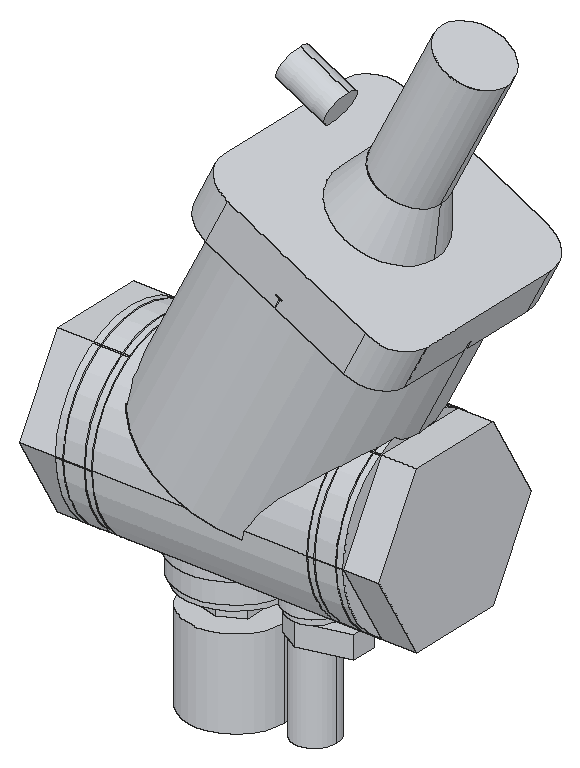
Revit family "PV_Compact_DN025L_ 20-80_FF_měř_RFA_2018", category Pipe Accessories, Revit 2018
Family settings
  Round Connector Dimension = Use Diameter
  Part Type = Valve - Breaks Into
  Work Plane-Based = No
  Always vertical = Yes
  Cut with Voids When Loaded = No
  Shared = No
Parameters (values of type "PV Compact DN25L FF s měřením ( 20-80kPa)")
  magiProductId = "87b7cca8bace4074a54840dfb5d8dc"
  magiProductFamilyId = "17221e4467384e4990f0bd3f9c07cb"
  magiPartTypeId = 304
  isMeasuringValve [instance] = no
  ang2D [instance] = 0.00°
  Z7 = 15 mm
  Z6 = 40.2 mm
  Z5 = 93.8 mm
  Z4 = 80.4 mm
  Z3 = 13.4 mm
  Z2 = 67 mm
  XR3 = 42.5 mm
  XR2 = 37.5 mm
  XR1 = 25.5 mm
  W2D = 15 mm
  VersionID = "2.0/2018.12.13.2/FRESE_PV_COMPACT_PLUG_Q13_001"
  Use Minimum Symbol Size [instance] = no
  URL = "www.hydronix.cz"
  Type Comments = "závitový s vnitřním závitem; dvěma měřicími vsuvkami; PN25; dpmax=450kPa; -10~+120°C;"
  R5 = 5 mm
  R4 = 15 mm
  R3 = 10 mm
  R2 = 26.5 mm
  R1 = 31.5 mm
  QmdConnectorList = "301;D;302;D"
  Productdata [instance] = ""
  PH__ve = -PH  # -17.6 mm
  PH = 17.6 mm
  NL__ve = -NL  # -20 mm
  NL = 20 mm
  Manufacturer = "Hydronix"
  MC Use Limits From Balancing Method = no
  MC Throttling Minimum Value = 0
  MC Throttling Maximum Value = 0
  MC Product Code = "53-3211 DN25L; FF; nastavitelný rozsah dp=20~80kPa; Q=750~4200l/h;  kvs=8,7"
  MC Pressure Drop Minimum Value = 0.0 Pa
  MC Pressure Drop Maximum Value = 0.0 Pa
  MC Piping Given Pressure Drop [instance] = 0.0 Pa
  M5 = 40 mm
  M4 = 38 mm
  M3 = 32 mm
  M2 = 30 mm
  LP = 50 mm
  LM = 60 mm
  LL__ve = -LL  # -6.3 mm
  LLT__ve = -LLT  # -19.1 mm
  LLT = 19.1 mm
  LL2 = 38 mm
  LL = 6.3 mm
  L3 = 11 mm
  L2D_Min = 30.48 mm
  L2D = 65 mm
  Description = "Nastavitelný regulátor tlakové diference"
  DR1 = no
  DR0 = yes
  DL2 = 66 mm
  D = 25 mm
  CenSd_R2_6 = R2 * cos(30.00°)  # 22.95 mm
  CAT0 = yes
  C0D1 = no
  C0D0 = yes
Types (10, lengths in mm): name | magiProductId | Z6 | Z5 | Z4 | Z3 | Z2 | XR3 | XR2 | XR1 | R2 | R1 | PH__ve | PH | NL__ve | NL | MC Product Code | M5 | M4 | M3 | M2 | LP | LM | LL__ve | LLT__ve | LLT | LL2 | LL | L3 | D | CenSd_R2_6
  PV Compact DN15 FF s měřením ( 20-60kPa) | "92c6061b2d364c498536f200ceae3f" | 24.6 | 57.4 | 49.2 | 8.2 | 41 | 30 | 25 | 13 | 14 | 19 | -22.4 | 22.4 | -15 | 15 | "53-3205 DN15; FF; nastavitelný rozsah dp=20~60kPa; Q=100~1000l/h;  kvs=2,9" | 32.5 | 30.5 | 24.5 | 22.5 | 37.5 | 45 | -5.7 | -14.9 | 14.9 | 32 | 5.7 | 11 | 15 | 12.124
  PV Compact DN15 FF s měřením (  5-30kPa) | "f361d342a5c3496a8b127ae77303d4" | 24.6 | 57.4 | 49.2 | 8.2 | 41 | 30 | 25 | 13 | 14 | 19 | -22.4 | 22.4 | -15 | 15 | "53-3204 DN15; FF; nastavitelný rozsah dp=5~30kPa; Q=50~600l/h;  kvs=2,9" | 32.5 | 30.5 | 24.5 | 22.5 | 37.5 | 45 | -5.7 | -14.9 | 14.9 | 32 | 5.7 | 11 | 15 | 12.124
  PV Compact DN20 FF s měřením ( 20-60kPa) | "9f7cac6a20a942348ba3edadb25c10" | 24.6 | 57.4 | 49.2 | 8.2 | 41 | 30 | 25 | 13 | 14 | 19 | -22.4 | 22.4 | -15.8 | 15.8 | "53-3207 DN20; FF; nastavitelný rozsah dp=20~60kPa; Q=150~2000l/h;  kvs=3,5" | 33.7 | 31.7 | 25.7 | 23.7 | 39.5 | 47.4 | -5.7 | -14.9 | 14.9 | 32 | 5.7 | 11 | 20 | 12.124
  PV Compact DN20 FF s měřením (  5-30kPa) | "db23a1b537c14a0d8d3ef5b88ba9f3" | 24.6 | 57.4 | 49.2 | 8.2 | 41 | 30 | 25 | 13 | 14 | 19 | -22.4 | 22.4 | -15.8 | 15.8 | "53-3206 DN20; FF; nastavitelný rozsah dp=5~30kPa; Q=100~1000l/h;  kvs=3,5" | 33.7 | 31.7 | 25.7 | 23.7 | 39.5 | 47.4 | -5.7 | -14.9 | 14.9 | 32 | 5.7 | 11 | 20 | 12.124
  PV Compact DN25 FF s měřením (  5-30kPa) | "df9f1d59aa4a4bbbaec25e168ba07d" | 25.5 | 59.5 | 51 | 8.5 | 42.5 | 30 | 25 | 13 | 14 | 19 | -20.8 | 20.8 | -16.6 | 16.6 | "53-3208 DN25; FF; nastavitelný rozsah dp=5~30kPa; Q=600~2100l/h;  kvs=4,0" | 34.9 | 32.9 | 26.9 | 24.9 | 41.5 | 49.8 | -5.9 | -16.3 | 16.3 | 34 | 5.9 | 11 | 25 | 12.124
  PV Compact DN25L FF s měřením ( 20-80kPa) | "87b7cca8bace4074a54840dfb5d8dc" | 40.2 | 93.8 | 80.4 | 13.4 | 67 | 42.5 | 37.5 | 25.5 | 26.5 | 31.5 | -17.6 | 17.6 | -20 | 20 | "53-3211 DN25L; FF; nastavitelný rozsah dp=20~80kPa; Q=750~4200l/h;  kvs=8,7" | 40 | 38 | 32 | 30 | 50 | 60 | -6.3 | -19.1 | 19.1 | 38 | 6.3 | 11 | 25 | 22.95
  PV Compact DN25L FF s měřením (  5-30kPa) | "5f34f6c18cbb44599cc4b76a533b7b" | 40.2 | 93.8 | 80.4 | 13.4 | 67 | 42.5 | 37.5 | 25.5 | 26.5 | 31.5 | -17.6 | 17.6 | -20 | 20 | "53-3210 DN25L; FF; nastavitelný rozsah dp=5~30kPa; Q=600~2500l/h;  kvs=8,7" | 40 | 38 | 32 | 30 | 50 | 60 | -6.3 | -19.1 | 19.1 | 38 | 6.3 | 11 | 25 | 22.95
  PV Compact DN32 FF s měřením ( 20-80kPa) | "4a8a1c2c3ced401aa76adec660b182" | 40.2 | 93.8 | 80.4 | 13.4 | 67 | 42.5 | 37.5 | 25.5 | 26.5 | 31.5 | -13.6 | 13.6 | -20.8 | 20.8 | "53-3214 DN32; FF; nastavitelný rozsah dp=20~80kPa; Q=1000~5000l/h;  kvs=10,1" | 41.2 | 39.2 | 33.2 | 31.2 | 52 | 62.4 | -6.8 | -22.6 | 22.6 | 43 | 6.8 | 25 | 32 | 22.95
  PV Compact DN40 FF s měřením ( 20-80kPa) | "8dd334465d8f48dd802c3dab6bec5b" | 46.8 | 109.2 | 93.6 | 15.6 | 78 | 42.5 | 37.5 | 25.5 | 26.5 | 31.5 | -11.2 | 11.2 | -27.6 | 27.6 | "53-3216 DN40; FF; nastavitelný rozsah dp=20~80kPa; Q=3000~8000l/h;  kvs=15,8" | 51.4 | 49.4 | 43.4 | 41.4 | 69 | 82.8 | -7.1 | -24.7 | 24.7 | 46 | 7.1 | 25 | 40 | 22.95
  PV Compact DN50 FF s měřením ( 20-80kPa) | "de24153ded7e41748f92358b184bd6" | 46.8 | 109.2 | 93.6 | 15.6 | 78 | 42.5 | 37.5 | 25.5 | 35.25 | 31.5 | -6.4 | 6.4 | -27.6 | 27.6 | "53-3218 DN50; FF; nastavitelný rozsah dp=20~80kPa; Q=5000~11500l/h;  kvs=16,2" | 51.4 | 49.4 | 43.4 | 41.4 | 69 | 82.8 | -7.7 | -28.9 | 28.9 | 52 | 7.7 | 25 | 50 | 30.527
Reference planes
  plane 1 "Center (Front/Back)": y = 0
  plane 2 "XYPLANE": z = 0
  plane 3 "Center (Left/Right)": x = 0
  plane 4 "408": x = 50
  plane 5 "407": x = -50
  plane 6 "402": z = -66
  plane 7 "213": x = 11
  plane 8 "168": z = -15.1
  plane 9 "167": z = -17.1
  plane 10 "166": z = -23.4
  plane 11 "165": z = -29.7
  plane 12 "164": z = -31.7
  plane 13 "154": z = 0
  plane 14 "152": y = 0
  plane 15 "151": z = -38
  plane 16 "150": x = -11
  plane 17 "75": through (307.08, 0, 685.28) normal (0.891, 0, -0.454)
  plane 18 "74": x = 40
  plane 19 "73": x = 38
  plane 20 "72": x = 32
  plane 21 "71": x = 30
  plane 22 "70": x = -40
  plane 23 "69": x = -38
  plane 24 "68": x = -32
  plane 25 "67": y = 0
  plane 26 "66": through (-666.893, 0, 343.166) normal (0.454, 0, 0.891)
  plane 27 "65": x = -30
  plane 28 "64": through (335.147, 0, 670.979) normal (0.891, 0, -0.454)
  plane 29 "63": through (-637.838, 0, 400.19) normal (0.454, 0, 0.891)
  plane 30 "62": through (363.214, 0, 656.678) normal (0.891, 0, -0.454)
  plane 31 "61": y = 31.5
  plane 32 "60": y = -31.5
  plane 33 "59": through (-631.754, 0, 412.13) normal (0.454, 0, 0.891)
  plane 34 "58": through (-625.671, 0, 424.069) normal (0.454, 0, 0.891)
  plane 35 "57": through (302.625, 0, 687.549) normal (0.891, 0, -0.454)
  plane 36 "56": x = 0
  plane 37 "55": through (-668.255, 0, 340.493) normal (0.454, 0, 0.891)
  plane 38 "102XY": through (-668.255, 0, 340.493) normal (0.454, 0, 0.891)
  plane 39 "102XZ": y = 0
  plane 40 "102YZ": through (340.493, 0, 668.255) normal (0.891, 0, -0.454)
Forms (mm)
  Extrusion 1, solid
    sketch origin (50, -750, 0) x (0, 1, 0) y (0, 0, 1)
      loop
        line (776.5, 0) -> (763.25, 22.95) -> (736.75, 22.95) -> (723.5, 0) -> (736.75, -22.95) -> (763.25, -22.95) -> (776.5, 0)
    from 0 to -20 <- "NL__ve"
  Extrusion 2, solid
    sketch origin (-50, -750, 0) x (0, 1, 0) y (0, 0, 1)
      loop
        line (723.5, 0) -> (736.75, -22.95) -> (763.25, -22.95) -> (776.5, 0) -> (763.25, 22.95) -> (736.75, 22.95) -> (723.5, 0)
    from 0 to 20 <- "NL"
  Extrusion 3, solid, visible <- "C0D1"
    sketch origin (-750, 0, -66) x (1, 0, 0) y (0, 1, 0)
      loop
        circle (761, 0) r 10
    from 0 to 50
  Extrusion 4, solid, visible <- "DR1"
    sketch origin (-750, 0, -23.4) x (1, 0, 0) y (0, 1, 0)
      loop
        line (761, -24.5) -> (778.892, -6) -> (778.892, 6) -> (761, 24.5) -> (750.608, 6) -> (750.608, -6) -> (761, -24.5)
    from 0 to -17.6 <- "PH__ve"
  Extrusion 5, solid, visible <- "DR1"
    sketch origin (-750, 0, -23.4) x (1, 0, 0) y (0, 1, 0)
      loop
        circle (761, 0) r 10
    from 0 to 6.3 <- "LL"
  Blend 6, solid, visible <- "DR1"
    base sketch origin (-750, 0, -15.1) x (1, 0, 0) y (0, 1, 0)
      loop
        circle (761, 0) r 7.5
    top sketch origin (-750, 0, -15.1) x (1, 0, 0) y (0, 1, 0)
      loop
        circle (761, 0) r 10
    from 0 to -2
  Extrusion 7, solid, visible <- "DR1"
    sketch origin (-750, 0, 0) x (1, 0, 0) y (0, 1, 0)
      loop
        circle (761, 0) r 7.5
    from 0 to -19.1 <- "LLT__ve"
  Extrusion 8, solid, visible <- "C0D0"
    sketch origin (-750, 0, -38) x (1, 0, 0) y (0, 1, 0)
      loop
        circle (761, 0) r 6
    from 0 to -25
  Extrusion 9, solid, visible <- "DR0"
    sketch origin (-750, 0, -31.7) x (1, 0, 0) y (0, 1, 0)
      loop
        line (761, -7) -> (774.562, -3.5) -> (774.562, 3.5) -> (761, 7) -> (754.938, 3.5) -> (754.938, -3.5) -> (761, -7)
    from 0 to -6.3 <- "LL__ve"
  Extrusion 10, solid, visible <- "DR0"
    sketch origin (-750, 0, -31.7) x (1, 0, 0) y (0, 1, 0)
      loop
        circle (761, 0) r 7
    from 0 to 2
  Extrusion 11, solid, visible <- "DR0"
    sketch origin (-750, 0, -23.4) x (1, 0, 0) y (0, 1, 0)
      loop
        circle (761, 0) r 9
    from 0 to 6.3 <- "LL"
  Blend 12, solid, visible <- "DR0"
    base sketch origin (-750, 0, -15.1) x (1, 0, 0) y (0, 1, 0)
      loop
        circle (761, 0) r 6.5
    top sketch origin (-750, 0, -15.1) x (1, 0, 0) y (0, 1, 0)
      loop
        circle (761, 0) r 9
    from 0 to -2
  Extrusion 13, solid, visible <- "DR0"
    sketch origin (-750, 0, 0) x (1, 0, 0) y (0, 1, 0)
      loop
        circle (761, 0) r 6.5
    from 0 to -19.1 <- "LLT__ve"
  Extrusion 14, solid, visible <- "DR0"
    sketch origin (-750, 0, 0) x (1, 0, 0) y (0, 1, 0)
      loop
        circle (761, 0) r 6.5
    from 0 to -19.1 <- "LLT__ve"
  Blend 15, solid, visible <- "DR0"
    base sketch origin (-750, 0, -15.1) x (1, 0, 0) y (0, 1, 0)
      loop
        circle (761, 0) r 6.5
    top sketch origin (-750, 0, -15.1) x (1, 0, 0) y (0, 1, 0)
      loop
        circle (761, 0) r 9
    from 0 to -2
  Extrusion 16, solid, visible <- "DR0"
    sketch origin (-750, 0, -23.4) x (1, 0, 0) y (0, 1, 0)
      loop
        circle (761, 0) r 9
    from 0 to 6.3 <- "LL"
  Extrusion 17, solid, visible <- "DR0"
    sketch origin (-750, 0, -29.7) x (1, 0, 0) y (0, 1, 0)
      loop
        circle (761, 0) r 8
    from 0 to 6.3 <- "LL"
  Extrusion 18, solid, visible <- "DR0"
    sketch origin (-750, 0, -31.7) x (1, 0, 0) y (0, 1, 0)
      loop
        circle (761, 0) r 7
    from 0 to 2
  Extrusion 19, solid, visible <- "DR0"
    sketch origin (-750, 0, -31.7) x (1, 0, 0) y (0, 1, 0)
      loop
        line (761, -7) -> (774.562, -3.5) -> (774.562, 3.5) -> (761, 7) -> (754.938, 3.5) -> (754.938, -3.5) -> (761, -7)
    from 0 to -6.3 <- "LL__ve"
  Extrusion 20, solid, visible <- "C0D0"
    sketch origin (-750, 0, -38) x (1, 0, 0) y (0, 1, 0)
      loop
        circle (761, 0) r 6
    from 0 to -25
  Extrusion 21, solid, visible <- "CAT0"
    sketch origin (-750, 0, -38) x (1, 0, 0) y (0, 1, 0)
      loop
        circle (739, 0) r 13.5
    from 0 to -25
  Extrusion 22, solid
    sketch origin (-750, 0, -31.7) x (1, 0, 0) y (0, 1, 0)
      loop
        line (739, -7) -> (745.062, -3.5) -> (745.062, 3.5) -> (739, 7) -> (725.438, 3.5) -> (725.438, -3.5) -> (739, -7)
    from 0 to -6.3 <- "LL__ve"
  Extrusion 23, solid
    sketch origin (-750, 0, -31.7) x (1, 0, 0) y (0, 1, 0)
      loop
        circle (739, 0) r 14.5
    from 0 to 2
  Extrusion 24, solid
    sketch origin (-750, 0, -29.7) x (1, 0, 0) y (0, 1, 0)
      loop
        circle (739, 0) r 15.5
    from 0 to 6.3 <- "LL"
  Extrusion 25, solid
    sketch origin (-750, 0, -23.4) x (1, 0, 0) y (0, 1, 0)
      loop
        circle (739, 0) r 16.5
    from 0 to 6.3 <- "LL"
  Blend 26, solid
    base sketch origin (-750, 0, -15.1) x (1, 0, 0) y (0, 1, 0)
      loop
        circle (739, 0) r 14
    top sketch origin (-750, 0, -15.1) x (1, 0, 0) y (0, 1, 0)
      loop
        circle (739, 0) r 16.5
    from 0 to -2
  Extrusion 27, solid
    sketch origin (-750, 0, 0) x (1, 0, 0) y (0, 1, 0)
      loop
        circle (739, 0) r 14
    from 0 to -19.1 <- "LLT__ve"
  Blend 28, solid, visible <- "CAT0"
    base sketch origin (38, -750, 0) x (0, 1, 0) y (0, 0, 1)
      loop
        circle (750, 0) r 26.5
    top sketch origin (38, -750, 0) x (0, 1, 0) y (0, 0, 1)
      loop
        circle (750, 0) r 26.5
    from 0 to 2
  Extrusion 29, solid, visible <- "CAT0"
    sketch origin (32, -750, 0) x (0, 1, 0) y (0, 0, 1)
      loop
        circle (750, 0) r 26.5
    from 0 to 6
  Blend 30, solid, visible <- "CAT0"
    base sketch origin (30, -750, 0) x (0, 1, 0) y (0, 0, 1)
      loop
        circle (750, 0) r 26.5
    top sketch origin (30, -750, 0) x (0, 1, 0) y (0, 0, 1)
      loop
        circle (750, 0) r 26.5
    from 0 to 2
  Blend 31, solid, visible <- "CAT0"
    base sketch origin (-38, -750, 0) x (0, 1, 0) y (0, 0, 1)
      loop
        circle (750, 0) r 26.5
    top sketch origin (-38, -750, 0) x (0, 1, 0) y (0, 0, 1)
      loop
        circle (750, 0) r 26.5
    from 0 to -2
  Extrusion 32, solid, visible <- "CAT0"
    sketch origin (-38, -750, 0) x (0, 1, 0) y (0, 0, 1)
      loop
        circle (750, 0) r 26.5
    from 0 to 6
  Blend 33, solid, visible <- "CAT0"
    base sketch origin (-32, -750, 0) x (0, 1, 0) y (0, 0, 1)
      loop
        circle (750, 0) r 26.5
    top sketch origin (-32, -750, 0) x (0, 1, 0) y (0, 0, 1)
      loop
        circle (750, 0) r 26.5
    from 0 to 2
  Extrusion 34, solid, visible <- "CAT0"
    sketch origin (-30, -750, 0) x (0, 1, 0) y (0, 0, 1)
      loop
        circle (750, 0) r 26.5
    from 0 to 60 <- "LM"
  Extrusion 35, solid, visible <- "CAT0"
    sketch origin (-666.893, 0, 343.166) x (0.891007, 0, -0.45399) y (0, 1, 0)
      loop
        circle (744, 0) r 31.5
    from 0 to 67 <- "Z2"
  Extrusion 36, solid, visible <- "CAT0"
    sketch origin (-637.838, 0, 400.19) x (0.891007, 0, -0.45399) y (0, 1, 0)
      loop
        arc (722.5, 31.5) -> (715.429, 28.571) -> (712.5, 21.5) r 10
        line (712.5, 21.5) -> (712.5, -21.5)
        arc (712.5, -21.5) -> (715.429, -28.571) -> (722.5, -31.5) r 10
        line (722.5, -31.5) -> (765.5, -31.5)
        arc (765.5, -31.5) -> (772.571, -28.571) -> (775.5, -21.5) r 10
        line (775.5, -21.5) -> (775.5, 21.5)
        arc (775.5, 21.5) -> (772.571, 28.571) -> (765.5, 31.5) r 10
        line (765.5, 31.5) -> (722.5, 31.5)
    from 0 to 13.4 <- "Z3"
  Blend 37, solid, visible <- "CAT0"
    base sketch origin (-631.754, 0, 412.13) x (0.891007, 0, -0.45399) y (0, 1, 0)
      loop
        circle (744, 0) r 15
    top sketch origin (-631.754, 0, 412.13) x (0.891007, 0, -0.45399) y (0, 1, 0)
      loop
        circle (744, 0) r 10
    from 0 to 13.4
  Extrusion 38, solid, visible <- "CAT0"
    sketch origin (-625.671, 0, 424.069) x (0.891007, 0, -0.45399) y (0, 1, 0)
      loop
        circle (744, 0) r 10
    from 0 to 40.2 <- "Z6"
  Extrusion 39, solid, visible <- "CAT0"
    sketch origin (302.625, 0, 687.549) x (-0.45399, 0, -0.891007) y (0, 1, 0)
      loop
        circle (656.2, 0) r 5
    from 0 to 15 <- "Z7"
  Blend 40, solid, visible <- "CAT0"
    base sketch origin (-668.255, 0, 340.493) x (0.891007, 0, -0.45399) y (0, 1, 0)
      loop
        circle (744, 0) r 27.5
    top sketch origin (-668.255, 0, 340.493) x (0.891007, 0, -0.45399) y (0, 1, 0)
      loop
        circle (744, 0) r 31.5
    from 0 to 3
  Extrusion 41, solid, not visible
    sketch origin (-40, -750, 0) x (0, 1, 0) y (0, 0, 1)
      loop
        circle (750, 0) r 22.5
    from 0 to 10
  Extrusion 42, solid, not visible
    sketch origin (40, -750, 0) x (0, 1, 0) y (0, 0, 1)
      loop
        circle (750, 0) r 22.5
    from 0 to -10
Lines and regions (mm)
  reference lines, not visible
    curve 1: circle (2, 2, 0) r 1 normal (0, 0, 1)
  reference lines
    curve 2: line (50, 0, 0) -> (50, -3.5, 6.062)
    curve 3: line (50, 0, 0) -> (50, -7, 0)
    curve 4: line (50, 0, 0) -> (50, -3.5, -6.062)
    curve 5: line (-50, 0, 0) -> (-50, 3.5, 6.062)
    curve 6: line (-50, 0, 0) -> (-50, 7, 0)
    curve 7: line (-50, 0, 0) -> (-50, 3.5, -6.062)
Dimensions and locks
  plane 1 "Center (Front/Back)" to curve 1 = 2 mm
  "LP": plane 36 "56" to plane 4 "408"
  "LP": plane 36 "56" to plane 5 "407"
  "DL2": plane 2 "XYPLANE" to plane 6 "402"
  "L3": plane 3 "Center (Left/Right)" to plane 7 "213"
  locked: plane 9 "167" to plane 8 "168" at 2
  "LL": plane 10 "166" to plane 9 "167"
  "LL": plane 11 "165" to plane 10 "166"
  locked: plane 12 "164" to plane 11 "165" at 2
  "LL": plane 15 "151" to plane 12 "164"
  locked: plane 2 "XYPLANE" to plane 13 "154"
  locked: plane 1 "Center (Front/Back)" to plane 14 "152"
  "LL2": plane 2 "XYPLANE" to plane 15 "151"
  "L3": plane 3 "Center (Left/Right)" to plane 16 "150"
  "XR2": plane 40 "102YZ" to plane 17 "75"
  "M5": plane 3 "Center (Left/Right)" to plane 18 "74"
  "M4": plane 3 "Center (Left/Right)" to plane 19 "73"
  "M3": plane 3 "Center (Left/Right)" to plane 20 "72"
  "M2": plane 3 "Center (Left/Right)" to plane 21 "71"
  "M5": plane 3 "Center (Left/Right)" to plane 22 "70"
  "M4": plane 3 "Center (Left/Right)" to plane 23 "69"
  "M3": plane 3 "Center (Left/Right)" to plane 24 "68"
  locked: plane 14 "152" to plane 25 "67"
  locked: plane 38 "102XY" to plane 26 "66" at 3
  "M2": plane 3 "Center (Left/Right)" to plane 27 "65"
  locked: plane 40 "102YZ" to plane 28 "64" at 6
  "Z2": plane 38 "102XY" to plane 29 "63"
  "XR1": plane 40 "102YZ" to plane 30 "62"
  "R1": plane 14 "152" to plane 31 "61"
  "R1": plane 14 "152" to plane 32 "60"
  "Z4": plane 38 "102XY" to plane 33 "59"
  "Z5": plane 38 "102XY" to plane 34 "58"
  "XR3": plane 40 "102YZ" to plane 35 "57"
  locked: plane 3 "Center (Left/Right)" to plane 36 "56"
  locked: plane 38 "102XY" to plane 37 "55"
  "CenSd_R2_6": curve 2 to Extrusion 1 sketch curve  (x2)
  "CenSd_R2_6": curve 3 to Extrusion 1 sketch curve  (x2)
  "CenSd_R2_6": curve 4 to Extrusion 1 sketch curve  (x2)
  Extrusion 1 sketch curve to Extrusion 1 sketch curve = 0 mm  (x12)
  "CenSd_R2_6": curve 5 to Extrusion 2 sketch curve  (x2)
  "CenSd_R2_6": curve 6 to Extrusion 2 sketch curve  (x2)
  "CenSd_R2_6": curve 7 to Extrusion 2 sketch curve  (x2)
  Extrusion 2 sketch curve to Extrusion 2 sketch curve = 0 mm  (x12)
  Extrusion 4 sketch curve to Extrusion 4 sketch curve = 0 mm  (x12)
  Extrusion 9 sketch curve to Extrusion 9 sketch curve = 0 mm  (x12)
  Extrusion 19 sketch curve to Extrusion 19 sketch curve = 0 mm  (x12)
  Extrusion 22 sketch curve to Extrusion 22 sketch curve = 0 mm  (x12)
  Extrusion 36 sketch curve to Extrusion 36 sketch curve = 0 mm  (x16)
  "R2": radius of Blend 28 sketch curve  (x2)
  "R2": radius of Extrusion 29 sketch curve
  "R2": radius of Blend 30 sketch curve  (x2)
  "R2": radius of Blend 31 sketch curve  (x2)
  "R2": radius of Extrusion 32 sketch curve
  "R2": radius of Blend 33 sketch curve  (x2)
  "R2": radius of Extrusion 34 sketch curve
  "R1": radius of Extrusion 35 sketch curve
  radius of Extrusion 36 sketch curve = 10 mm  (x4)
  "R3": radius of Blend 37 sketch curve
  "R4": radius of Blend 37 sketch curve
  "R3": radius of Extrusion 38 sketch curve
  "R5": radius of Extrusion 39 sketch curve
  "R1": radius of Blend 40 sketch curve
  locked: curve 3 to curve 2 (angle 60.00°)
  locked: curve 4 to curve 3 (angle 60.00°)
  locked: curve 4 to curve 2 (angle 120.00°)
  locked: curve 6 to curve 5 (angle 60.00°)
  locked: curve 7 to curve 6 (angle 60.00°)
  locked: curve 7 to curve 5 (angle 120.00°)
  aligned and locked: level to plane 2 "XYPLANE"
  aligned and locked: plane 13 "154" to curve 4
  aligned and locked: curve 4 to plane 14 "152"
  aligned and locked: plane 13 "154" to curve 7
  aligned and locked: curve 7 to plane 14 "152"
  aligned and locked: plane 7 "213" to Extrusion 3 sketch curve
  aligned and locked: plane 14 "152" to Extrusion 3 sketch curve
  aligned and locked: plane 7 "213" to Extrusion 5 sketch curve
  aligned and locked: plane 14 "152" to Extrusion 5 sketch curve
  aligned and locked: plane 7 "213" to Blend 6 sketch curve  (x2)
  aligned and locked: plane 14 "152" to Blend 6 sketch curve  (x2)
  aligned and locked: Blend 6 to plane 9 "167"
  aligned and locked: plane 7 "213" to Extrusion 7 sketch curve
  aligned and locked: plane 14 "152" to Extrusion 7 sketch curve
  aligned and locked: plane 7 "213" to Extrusion 8 sketch curve
  aligned and locked: plane 14 "152" to Extrusion 8 sketch curve
  aligned and locked: plane 7 "213" to Extrusion 10 sketch curve
  aligned and locked: plane 14 "152" to Extrusion 10 sketch curve
  aligned and locked: plane 7 "213" to Extrusion 11 sketch curve
  aligned and locked: plane 14 "152" to Extrusion 11 sketch curve
  aligned and locked: plane 7 "213" to Blend 12 sketch curve  (x2)
  aligned and locked: plane 14 "152" to Blend 12 sketch curve  (x2)
  aligned and locked: Blend 12 to plane 9 "167"
  aligned and locked: plane 7 "213" to Extrusion 13 sketch curve
  aligned and locked: plane 14 "152" to Extrusion 13 sketch curve
  aligned and locked: plane 7 "213" to Extrusion 14 sketch curve
  aligned and locked: plane 14 "152" to Extrusion 14 sketch curve
  aligned and locked: plane 7 "213" to Blend 15 sketch curve  (x2)
  aligned and locked: plane 14 "152" to Blend 15 sketch curve  (x2)
  aligned and locked: Blend 15 to plane 9 "167"
  aligned and locked: plane 7 "213" to Extrusion 16 sketch curve
  aligned and locked: plane 14 "152" to Extrusion 16 sketch curve
  aligned and locked: plane 7 "213" to Extrusion 17 sketch curve
  aligned and locked: plane 14 "152" to Extrusion 17 sketch curve
  aligned and locked: plane 7 "213" to Extrusion 18 sketch curve
  aligned and locked: plane 14 "152" to Extrusion 18 sketch curve
  aligned and locked: plane 7 "213" to Extrusion 20 sketch curve
  aligned and locked: plane 14 "152" to Extrusion 20 sketch curve
  aligned and locked: plane 14 "152" to Extrusion 21 sketch curve
  aligned and locked: plane 16 "150" to Extrusion 21 sketch curve
  aligned and locked: plane 14 "152" to Extrusion 23 sketch curve
  aligned and locked: plane 16 "150" to Extrusion 23 sketch curve
  aligned and locked: plane 14 "152" to Extrusion 24 sketch curve
  aligned and locked: plane 16 "150" to Extrusion 24 sketch curve
  aligned and locked: plane 14 "152" to Extrusion 25 sketch curve
  aligned and locked: plane 16 "150" to Extrusion 25 sketch curve
  aligned and locked: plane 14 "152" to Blend 26 sketch curve  (x2)
  aligned and locked: plane 16 "150" to Blend 26 sketch curve  (x2)
  aligned and locked: Blend 26 to plane 9 "167"
  aligned and locked: plane 14 "152" to Extrusion 27 sketch curve
  aligned and locked: plane 16 "150" to Extrusion 27 sketch curve
  aligned and locked: plane 13 "154" to Blend 28 sketch curve  (x2)
  aligned and locked: Blend 28 sketch curve to plane 14 "152"  (x2)
  aligned and locked: plane 18 "74" to Blend 28
  aligned and locked: plane 13 "154" to Extrusion 29 sketch curve
  aligned and locked: Extrusion 29 sketch curve to plane 14 "152"
  aligned and locked: plane 13 "154" to Blend 30 sketch curve  (x2)
  aligned and locked: Blend 30 sketch curve to plane 14 "152"  (x2)
  aligned and locked: plane 20 "72" to Blend 30
  aligned and locked: plane 13 "154" to Blend 31 sketch curve  (x2)
  aligned and locked: Blend 31 sketch curve to plane 14 "152"  (x2)
  aligned and locked: Blend 31 to plane 22 "70"
  aligned and locked: plane 13 "154" to Extrusion 32 sketch curve
  aligned and locked: Extrusion 32 sketch curve to plane 14 "152"
  aligned and locked: plane 13 "154" to Blend 33 sketch curve  (x2)
  aligned and locked: Blend 33 sketch curve to plane 14 "152"  (x2)
  aligned and locked: plane 27 "65" to Blend 33
  aligned and locked: plane 13 "154" to Extrusion 34 sketch curve
  aligned and locked: Extrusion 34 sketch curve to plane 14 "152"
  aligned and locked: plane 25 "67" to Extrusion 35 sketch curve
  aligned and locked: Extrusion 35 sketch curve to plane 28 "64"
  aligned and locked: Extrusion 36 sketch curve to plane 17 "75"
  aligned and locked: Extrusion 36 sketch curve to plane 32 "60"
  aligned and locked: Extrusion 36 sketch curve to plane 30 "62"
  aligned and locked: plane 31 "61" to Extrusion 36 sketch curve
  aligned and locked: plane 25 "67" to Blend 37 sketch curve  (x2)
  aligned and locked: Blend 37 sketch curve to plane 28 "64"  (x2)
  aligned and locked: plane 34 "58" to Blend 37
  aligned and locked: plane 25 "67" to Extrusion 38 sketch curve
  aligned and locked: Extrusion 38 sketch curve to plane 28 "64"
  aligned and locked: plane 25 "67" to Extrusion 39 sketch curve
  aligned and locked: plane 34 "58" to Extrusion 39 sketch curve
  aligned and locked: plane 25 "67" to Blend 40 sketch curve  (x2)
  aligned and locked: Blend 40 sketch curve to plane 28 "64"  (x2)
  aligned and locked: plane 26 "66" to Blend 40
  aligned and locked: plane 13 "154" to Extrusion 41 sketch curve
  aligned and locked: Extrusion 41 sketch curve to plane 14 "152"
  aligned and locked: plane 13 "154" to Extrusion 42 sketch curve
  aligned and locked: Extrusion 42 sketch curve to plane 14 "152"
Automatic sketch dimensions
  plane 3 "Center (Left/Right)" to Extrusion 3 sketch curve = 1 mm
  Extrusion 4 sketch curve to plane 7 "213" = 0 mm  (x2)
  plane 3 "Center (Left/Right)" to Extrusion 4 sketch curve = 0.608 mm
  Extrusion 4 sketch curve to plane 21 "71" = 1.108 mm
  plane 32 "60" to Extrusion 4 sketch curve = 7 mm
  plane 1 "Center (Front/Back)" to Extrusion 4 sketch curve = 6 mm  (x2)
  Extrusion 4 sketch curve to plane 1 "Center (Front/Back)" = 6 mm  (x2)
  Extrusion 4 sketch curve to plane 31 "61" = 7 mm
  plane 3 "Center (Left/Right)" to Extrusion 5 sketch curve = 1 mm
  plane 3 "Center (Left/Right)" to Blend 6 sketch curve = 3.5 mm
  plane 3 "Center (Left/Right)" to Blend 6 sketch curve = 1 mm
  plane 3 "Center (Left/Right)" to Extrusion 7 sketch curve = 3.5 mm
  plane 3 "Center (Left/Right)" to Extrusion 8 sketch curve = 5 mm
  Extrusion 9 sketch curve to plane 7 "213" = 0 mm  (x2)
  plane 3 "Center (Left/Right)" to Extrusion 9 sketch curve = 4.938 mm
  Extrusion 9 sketch curve to plane 21 "71" = 5.438 mm
  plane 1 "Center (Front/Back)" to Extrusion 9 sketch curve = 7 mm
  plane 1 "Center (Front/Back)" to Extrusion 9 sketch curve = 3.5 mm  (x2)
  Extrusion 9 sketch curve to plane 1 "Center (Front/Back)" = 3.5 mm  (x2)
  Extrusion 9 sketch curve to Extrusion 9 sketch curve = 3.5 mm
  plane 3 "Center (Left/Right)" to Extrusion 10 sketch curve = 4 mm
  plane 3 "Center (Left/Right)" to Extrusion 11 sketch curve = 2 mm
  plane 3 "Center (Left/Right)" to Blend 12 sketch curve = 4.5 mm
  plane 3 "Center (Left/Right)" to Blend 12 sketch curve = 2 mm
  plane 3 "Center (Left/Right)" to Extrusion 13 sketch curve = 4.5 mm
  plane 3 "Center (Left/Right)" to Extrusion 14 sketch curve = 4.5 mm
  plane 3 "Center (Left/Right)" to Blend 15 sketch curve = 4.5 mm
  plane 3 "Center (Left/Right)" to Blend 15 sketch curve = 2 mm
  plane 3 "Center (Left/Right)" to Extrusion 16 sketch curve = 2 mm
  plane 3 "Center (Left/Right)" to Extrusion 17 sketch curve = 3 mm
  plane 3 "Center (Left/Right)" to Extrusion 18 sketch curve = 4 mm
  Extrusion 19 sketch curve to plane 7 "213" = 0 mm  (x2)
  plane 3 "Center (Left/Right)" to Extrusion 19 sketch curve = 4.938 mm
  Extrusion 19 sketch curve to plane 21 "71" = 5.438 mm
  plane 1 "Center (Front/Back)" to Extrusion 19 sketch curve = 7 mm
  plane 1 "Center (Front/Back)" to Extrusion 19 sketch curve = 3.5 mm  (x2)
  Extrusion 19 sketch curve to plane 1 "Center (Front/Back)" = 3.5 mm  (x2)
  Extrusion 19 sketch curve to Extrusion 19 sketch curve = 3.5 mm
  plane 3 "Center (Left/Right)" to Extrusion 20 sketch curve = 5 mm
  plane 27 "65" to Extrusion 21 sketch curve = 5.5 mm
  Extrusion 22 sketch curve to plane 16 "150" = 0 mm  (x2)
  plane 27 "65" to Extrusion 22 sketch curve = 5.438 mm
  Extrusion 22 sketch curve to plane 3 "Center (Left/Right)" = 4.938 mm
  plane 1 "Center (Front/Back)" to Extrusion 22 sketch curve = 7 mm
  plane 1 "Center (Front/Back)" to Extrusion 22 sketch curve = 3.5 mm  (x2)
  Extrusion 22 sketch curve to plane 1 "Center (Front/Back)" = 3.5 mm  (x2)
  Extrusion 22 sketch curve to Extrusion 22 sketch curve = 3.5 mm
  plane 27 "65" to Extrusion 23 sketch curve = 4.5 mm
  plane 27 "65" to Extrusion 24 sketch curve = 3.5 mm
  plane 27 "65" to Extrusion 25 sketch curve = 2.5 mm
  plane 27 "65" to Blend 26 sketch curve = 5 mm
  plane 27 "65" to Blend 26 sketch curve = 2.5 mm
  plane 27 "65" to Extrusion 27 sketch curve = 5 mm
  plane 17 "75" to Blend 40 sketch curve = 4 mm
  plane 32 "60" to Extrusion 41 sketch curve = 9 mm
  plane 32 "60" to Extrusion 42 sketch curve = 9 mm
  plane 3 "Center (Left/Right)" to curve 1 = 2 mm
  radius of curve 1 = 1 mm
Connectors
  piping at (-40, 0, 0), diameter 25, driven by "D"
    settings: on Extrusion 41, index 1, connector inside diameter 609.6 mm, connector length 0 mm, flow factor 0, pipe flow 0.0 L/s, pressure drop 0.0 Pa, fitting loss kfactor 0, connector angle 0.00°, fixture units 0, engagement length 0 mm, angle of deflection 0.00°, flow configuration 0, flow direction 0, fitting loss method 0, system type 29, joint type 0, gender type 0, connector reference index 2, connector utility 0, adjustable connector no, is connector primary yes, connector description ""
  piping at (40, 0, 0), diameter 25, driven by "D"
    settings: on Extrusion 42, index 2, connector inside diameter 609.6 mm, connector length 0 mm, flow factor 0, pipe flow 0.0 L/s, pressure drop 0.0 Pa, fitting loss kfactor 0, connector angle 0.00°, fixture units 0, engagement length 0 mm, angle of deflection 0.00°, flow configuration 0, flow direction 0, fitting loss method 0, system type 29, joint type 0, gender type 0, connector reference index 1, connector utility 0, adjustable connector no, is connector primary no, connector description ""
